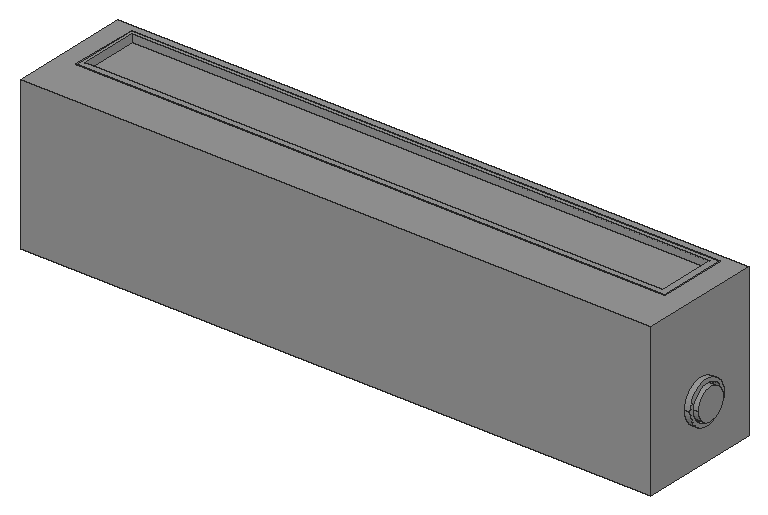
Revit family "SABRINA_1104LM_3000K_BLANC", category Lighting Fixtures, host Wall, Revit 2021
Family settings
  Host = Wall
  Round Connector Dimension = Use Diameter
  Part Type = Normal
  OmniClass Number = 23.80.70.00
  OmniClass Title = Lighting
  Always vertical = Yes
  Cut with Voids When Loaded = No
  Light Source = Yes
  Shared = No
  Room Calculation Point = No
Parameters
  Wattage = 7.43224 W
  built-in parameter 1150110 = 1 (stored number, unit not read)
  Type de lampe = "LED SMD 2835"
  Type = "Applique avec interrupteur ON/OFF"
  built-in parameter 1114217 = 1 (stored number, unit not read)
  built-in parameter 1150109 = 1 (stored number, unit not read)
  built-in parameter 1150134 = (empty or 0)
  built-in parameter 1150113 = 1 (stored number, unit not read)
  Puissance nominale = "2x8W"
  Matériau = "Corps en fonte d’aluminium"
  Maintien du flux = "L80B10 (50 000 heures)"
  Lumens = 1104 lm
  built-in parameter 1150115 = 1 (stored number, unit not read)
  built-in parameter 1150105 = 351.41 (stored number, unit not read)
  Light Source Symbol Size = 609.6 mm
  built-in parameter 1150137 = (empty or 0)
  built-in parameter 1150139 = (empty or 0)
  built-in parameter 1150112 = 1 (stored number, unit not read)
  built-in parameter 1150114 = 1 (stored number, unit not read)
  built-in parameter 1150132 = 2
  built-in parameter 1150102 = (empty or 0)
  built-in parameter 1150138 = (empty or 0)
  built-in parameter 1150107 = 3000 (stored number, unit not read)
  built-in parameter 1150106 = 3.5141 (stored number, unit not read)
  IRC = ">80"
  Fintion = "Blanc"
  Emit from Line Length = 609.6 mm
  built-in parameter 1150104 = 13.8 (stored number, unit not read)
  Durée de vie = "50 000 heures"
  Dimming Lamp Color Temperature Shift = <None>
  Dimensions = "300 x 58 x 72 mm"
  Diffuseur = "Verre opale trempé"
  Default Elevation = 0 mm
  Color Filter = 16777215
  built-in parameter 1114218 = 1 (stored number, unit not read)
  built-in parameter 1150133 = 10 (stored number, unit not read)
  Alimentation Driver = "AC 220-240V / 50Hz"
Reference planes
  plane 1: y = 0
  plane 2 "Light Source Axis (F/B)": y = 203.2
  plane 3 "Light Source Axis (L/R)": x = -36.356
  plane 4 "Light Source Elevation": z = 2000
Forms (mm)
  Extrusion 1, solid, material "Metal, Powder Coated, White"
    sketch origin (0, 203.2, 0) x (1, 0, 0) y (0, 0, 1)
      loop
        line (113.644, 1972) -> (-186.356, 1972) -> (-186.356, 1900) -> (113.644, 1900) -> (113.644, 1972)
    from 70.2 to 128.2
  Extrusion 2, void
    sketch origin (0, 0, 2000) x (0, 1, 0) y (-1, 0, 0)
      loop
        line (130, 177.444) -> (97.05, 177.444) -> (97.05, -102.556) -> (130, -102.556) -> (130, 177.444)
    from -64.493 to 0
  Extrusion 3, solid, material "Acrylic"
    sketch origin (0, 0, 2000) x (0, 1, 0) y (-1, 0, 0)
      loop
        line (130, 177.444) -> (97.05, 177.444) -> (97.05, -102.556) -> (130, -102.556) -> (130, 177.444)
      loop
        line (127.781, 175.385) -> (99.771, 175.385) -> (99.771, -99.615) -> (127.781, -99.615) -> (127.781, 175.385)
    from -28 to -33.684
  Extrusion 4, solid, material "Glass, White, High Luminance"
    sketch origin (0, 0, 2000) x (0, 1, 0) y (-1, 0, 0)
      loop
        line (127.781, 175.385) -> (99.771, 175.385) -> (99.771, -99.615) -> (127.781, -99.615) -> (127.781, 175.385)
    from -31.326 to -33.684
  Extrusion 5, solid, material "Acrylic"
    sketch origin (-36.356, 0, 0) x (0, -1, 0) y (0, 0, 1)
      loop
        circle (-104.562, 1927.949) r 10
      loop
        circle (-104.562, 1927.949) r 8.433
    from -153.033 to -150
  Extrusion 6, solid, material "Acrylic"
    sketch origin (-36.356, 0, 0) x (0, -1, 0) y (0, 0, 1)
      loop
        circle (-104.613, 1927.843) r 7.252
    from -154.895 to -150
Cuts and joins
  Extrusion 2 cuts Extrusion 1
Lines and regions (mm)
  reference lines
    curve 1: line (-36.356, 203.2, 1900) -> (-186.356, 203.2, 1900)
    curve 2: line (-186.356, 203.2, 1900) -> (-186.356, 203.2, 1972)
    curve 3: line (-186.356, 203.2, 1972) -> (113.644, 203.2, 1972)
    curve 4: line (113.644, 203.2, 1972) -> (113.644, 203.2, 1900)
    curve 5: line (113.644, 203.2, 1900) -> (-36.356, 203.2, 1900)
    curve 6: line (-36.356, 75, 2000) -> (113.644, 75, 2000)
    curve 7: line (113.644, 75, 2000) -> (113.644, 133, 2000)
    curve 8: line (113.644, 133, 2000) -> (-186.356, 133, 2000)
    curve 9: line (-186.356, 133, 2000) -> (-186.356, 75, 2000)
    curve 10: line (-186.356, 75, 2000) -> (-36.356, 75, 2000)
Text (mm)
  text "Placement Side" at (0, 1019.848, 2973.606), in view "Right"
  text "Placement Side" at (-1787.662, 723.012, 0), in view "Ref. Level"
  text "Placement Side" at (0, 1206.291, 3020.473), in view "Left"
Dimensions and locks
  aligned and locked: plane 3 "Light Source Axis (L/R)" to imposter light
